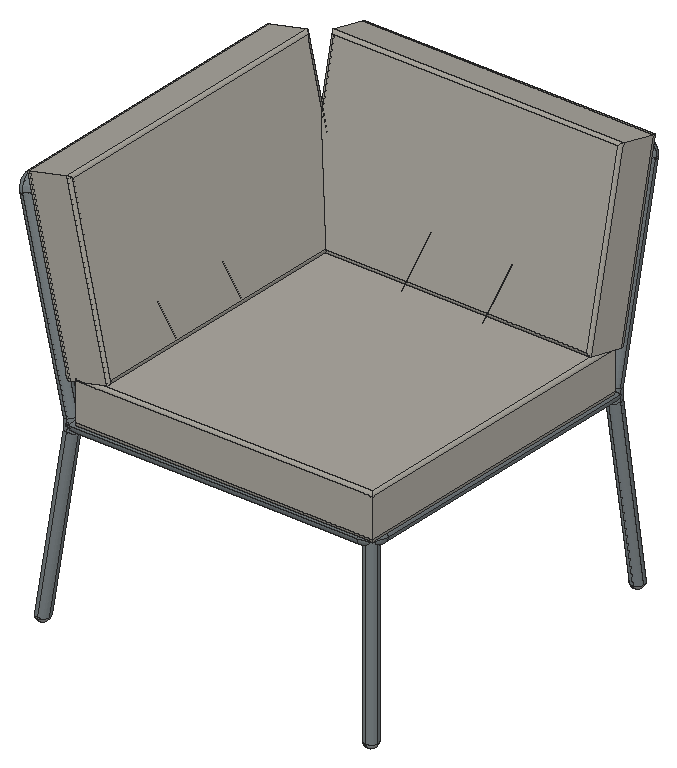
Revit family "FU_Outdoor_Sandler_Zero 209", category Furniture, Revit 2020
Family settings
  OmniClass Number = 23.40.20.00
  OmniClass Title = General Furniture and Specialties
  Work Plane-Based = No
  Always vertical = Yes
  Cut with Voids When Loaded = No
  Shared = No
  Room Calculation Point = No
Parameters (values of type "Zero 209")
  Width = 690 mm
  URL = "https://www.sandlerseating.com/product/zero-209/"
  Seat = Fabric - Outdoor - FabThirty 30319-05
  Model = "Zero 209"
  Manufacturer = "Sandler"
  Height = 800 mm
  Frame = Metal - Paint -AL VR - Anthracite Grey
  Description = "Upholstered sofa corner unit on a steel base, suitable for Outdoor. Stacks up to 2 with cushions removed. COM fabric needs to be outdoor treated for use on Zero, linking clips included."
  Depth = 690 mm
  Default Elevation = 0 mm
Reference planes
  plane 1 "Center (Front/Back)": y = 0
  plane 2: z = 0
  plane 3 "Center (Left/Right)": x = 0
  plane 4 "Right": x = -345
  plane 5 "Left": x = 345
  plane 6 "Back": y = 345
  plane 7 "Front": y = -345
  plane 8 "Height": z = 800
  plane 9 "Seat height": z = 450
  plane 10 "Frame C Front": y = -332.501
  plane 11 "Frame C Right": x = -246.723
  plane 12 "Frame C Left": x = 332.5
  plane 13 "Frame C Back": y = 245.942
  plane 14 "Frame C Top Right": x = -332.5
  plane 15 "Frame C Top Back": y = 332.5
  plane 16 "Frame C Back Right": x = -218.43
  plane 17 "Frame C Side Back": y = 217.454
  plane 18 "Frame C Seat FRONT": z = 360.618
  plane 19 "Frame C Top FRONT": z = 743.982
  plane 20 "Frame C Back leg RIGHT": through (4267.2, 302.263, 12.924) normal (0, -0.9866, -0.163)
  plane 21 "Frame C BackRest RIGHT": through (4267.2, 247.72, 373.243) normal (0, -0.974, 0.2267)
  plane 22 "Wonky Back Leg FRONT": through (-275.849, -1524, 10.385) normal (-0.9868, 0, 0.1618)
  plane 23 "mirror point": x = 55
  plane 24 "Glide": z = 10
  plane 25 "Weld": z = 35.897
Forms (mm)
  Sweep 1, solid, material "Metal - Paint -AL VR - Anthracite Grey" <- "Frame"
    path origin (332.5, 0, 0) x (0, -1, 0) y (0, 0, 1)
      loop
        line (-305.068, -4.055) -> (-246.748, 348.952)
        arc (-246.748, 348.952) -> (-245.978, 360.68) -> (-247.508, 372.332) r 60
        line (-247.508, 372.332) -> (-330.956, 730.898)
    profile "Pro_Circles : 25mm" origin (332.5, 275.908, 172.449) x (0, 0.986626, 0.162998) y (-1, 0, 0)
      loop
        arc (-12.467, 0.067) -> (-8.882, -8.788) -> (-0.067, -12.467) r 12.401
        arc (-0.067, -12.467) -> (8.836, -8.836) -> (12.467, 0.067) r 12.401
        arc (12.467, 0.067) -> (8.788, 8.882) -> (-0.067, 12.467) r 12.401
        arc (-0.067, 12.467) -> (-8.835, 8.835) -> (-12.467, 0.067) r 12.4
  Sweep 2, solid, material "Metal - Paint -AL VR - Anthracite Grey" <- "Frame"
    path origin (0, 152.59, -35.512) x (0, -0.226672, -0.973971) y (1, 0, 0)
      loop
        line (-405.383, -218.43) -> (-785.383, -218.43)
        arc (-785.383, -218.43) -> (-795.99, -214.037) -> (-800.383, -203.43) r 15
        line (-800.383, -203.43) -> (-800.383, 317.5)
        arc (-800.383, 317.5) -> (-795.99, 328.107) -> (-785.383, 332.5) r 15
    profile "Pro_Circles : 25mm" origin (-218.43, 287.547, 544.374) x (-1, 0, 0) y (0, -0.973971, 0.226672)
      loop
        arc (-12.467, 0.067) -> (-8.882, -8.788) -> (-0.067, -12.467) r 12.401
        arc (-0.067, -12.467) -> (8.836, -8.836) -> (12.467, 0.067) r 12.401
        arc (12.467, 0.067) -> (8.788, 8.882) -> (-0.067, 12.467) r 12.401
        arc (-0.067, 12.467) -> (-8.835, 8.835) -> (-12.467, 0.067) r 12.4
  Sweep 3, solid, material "Metal - Paint -AL VR - Anthracite Grey" <- "Frame"
    path origin (-270.287, 0, 44.312) x (-0.161784, 0, -0.986826) y (0, -1, 0)
      loop
        line (44.87, -304.262) -> (-322.697, -245.598)
    profile "Pro_Circles : 25mm" origin (-247.813, 274.93, 181.395) x (0.025498, 0.987502, 0.155528) y (-0.986826, 0, 0.161784)
      loop
        arc (-12.467, 0.067) -> (-8.882, -8.788) -> (-0.067, -12.467) r 12.401
        arc (-0.067, -12.467) -> (8.836, -8.836) -> (12.467, 0.067) r 12.401
        arc (12.467, 0.067) -> (8.788, 8.882) -> (-0.067, 12.467) r 12.401
        arc (-0.067, 12.467) -> (-8.835, 8.835) -> (-12.467, 0.067) r 12.4
  Sweep 4, solid, material "Metal - Paint -AL VR - Anthracite Grey" <- "Frame"
    path origin (0, 0, 360.618) x (0, -1, 0) y (1, 0, 0)
      loop
        line (-245.942, 332.5) -> (312.501, 332.5)
        arc (312.501, 332.5) -> (326.643, 326.642) -> (332.501, 312.5) r 20
        line (332.501, 312.5) -> (332.501, -246.723)
    profile "Pro_Circles : 25mm" origin (332.5, -33.28, 360.618) x (1, 0, 0) y (0, 0, 1)
      loop
        arc (-12.467, 0.067) -> (-8.882, -8.788) -> (-0.067, -12.467) r 12.401
        arc (-0.067, -12.467) -> (8.836, -8.836) -> (12.467, 0.067) r 12.401
        arc (12.467, 0.067) -> (8.788, 8.882) -> (-0.067, 12.467) r 12.401
        arc (-0.067, 12.467) -> (-8.835, 8.835) -> (-12.467, 0.067) r 12.4
  Sweep 5, solid, material "Metal - Paint -AL VR - Anthracite Grey" <- "Frame"
    path origin (0, 0, 360.618) x (0, -1, 0) y (1, 0, 0)
      loop
        line (-245.942, -218.363) -> (-245.942, 332.433)
    profile "Pro_Circles : 25mm" origin (57.035, 245.942, 360.618) x (0, 1, 0) y (0, 0, 1)
      loop
        arc (-12.467, 0.067) -> (-8.882, -8.788) -> (-0.067, -12.467) r 12.401
        arc (-0.067, -12.467) -> (8.836, -8.836) -> (12.467, 0.067) r 12.401
        arc (12.467, 0.067) -> (8.788, 8.882) -> (-0.067, 12.467) r 12.401
        arc (-0.067, 12.467) -> (-8.835, 8.835) -> (-12.467, 0.067) r 12.4
  Sweep 6, solid, material "Metal - Paint -AL VR - Anthracite Grey" <- "Frame"
    path origin (1.857, -332.533, 0) x (1, 0, 0) y (0, 0, -1)
      loop
        line (-305.068, 4.055) -> (-246.748, -348.952)
        arc (-246.748, -348.952) -> (-245.978, -360.68) -> (-247.508, -372.332) r 60
        line (-247.508, -372.332) -> (-330.956, -730.898)
    profile "Pro_Circles : 25mm" origin (-274.051, -332.533, 172.449) x (0.986626, 0, -0.162998) y (0, 1, 0)
      loop
        arc (12.467, 0.067) -> (8.835, 8.835) -> (0.067, 12.467) r 12.4
        arc (0.067, 12.467) -> (-8.788, 8.882) -> (-12.467, 0.067) r 12.401
        arc (-12.467, 0.067) -> (-8.836, -8.836) -> (0.067, -12.467) r 12.401
        arc (0.067, -12.467) -> (8.882, -8.788) -> (12.467, 0.067) r 12.401
  Sweep 7, solid, material "Metal - Paint -AL VR - Anthracite Grey" <- "Frame"
    path origin (-150.733, -0.033, -35.512) x (0.226672, 0, -0.973971) y (0, 1, 0)
      loop
        line (-405.383, 218.43) -> (-785.383, 218.43)
        arc (-785.383, 218.43) -> (-795.99, 214.037) -> (-800.383, 203.43) r 15
        line (-800.383, 203.43) -> (-800.383, -317.5)
        arc (-800.383, -317.5) -> (-795.99, -328.107) -> (-785.383, -332.5) r 15
    profile "Pro_Circles : 25mm" origin (-285.689, 218.397, 544.374) x (0, -1, 0) y (0.973971, 0, 0.226672)
      loop
        arc (12.467, 0.067) -> (8.835, 8.835) -> (0.067, 12.467) r 12.4
        arc (0.067, 12.467) -> (-8.788, 8.882) -> (-12.467, 0.067) r 12.401
        arc (-12.467, 0.067) -> (-8.836, -8.836) -> (0.067, -12.467) r 12.401
        arc (0.067, -12.467) -> (8.882, -8.788) -> (12.467, 0.067) r 12.401
  Sweep 8, solid, material "Metal - Paint -AL VR - Anthracite Grey" <- "Frame"
    path origin (1.857, 270.254, 44.312) x (0, 0.161784, -0.986826) y (-1, 0, 0)
      loop
        line (44.87, 304.262) -> (-322.697, 245.598)
    profile "Pro_Circles : 25mm" origin (-273.073, 247.78, 181.395) x (0.987502, 0.025498, -0.155528) y (0, 0.986826, 0.161784)
      loop
        arc (12.467, 0.067) -> (8.835, 8.835) -> (0.067, 12.467) r 12.4
        arc (0.067, 12.467) -> (-8.788, 8.882) -> (-12.467, 0.067) r 12.401
        arc (-12.467, 0.067) -> (-8.836, -8.836) -> (0.067, -12.467) r 12.401
        arc (0.067, -12.467) -> (8.882, -8.788) -> (12.467, 0.067) r 12.401
  Sweep 9, solid, material "Metal - Paint -AL VR - Anthracite Grey" <- "Frame"
    path origin (1.857, -0.033, 360.618) x (1, 0, 0) y (0, -1, 0)
      loop
        line (-245.942, -218.363) -> (-245.942, 332.433)
    profile "Pro_Circles : 25mm" origin (-244.085, -57.068, 360.618) x (1, 0, 0) y (0, 0, 1)
      loop
        arc (12.467, 0.067) -> (8.835, 8.835) -> (0.067, 12.467) r 12.4
        arc (0.067, 12.467) -> (-8.788, 8.882) -> (-12.467, 0.067) r 12.401
        arc (-12.467, 0.067) -> (-8.836, -8.836) -> (0.067, -12.467) r 12.401
        arc (0.067, -12.467) -> (8.882, -8.788) -> (12.467, 0.067) r 12.401
  Sweep 10, solid, material "Metal - Paint -AL VR - Anthracite Grey" <- "Frame"
    path origin (325.469, 4.808, 0) x (0, -1, 0) y (0, 0, 1)
      loop
        line (332.466, 10) -> (332.466, 360.74)
    profile "Pro_Circles : 25mm" origin (325.469, -327.658, 185.37) x (0, 1, 0) y (-1, 0, 0)
      loop
        arc (-12.467, 0.067) -> (-8.882, -8.788) -> (-0.067, -12.467) r 12.401
        arc (-0.067, -12.467) -> (8.836, -8.836) -> (12.467, 0.067) r 12.401
        arc (12.467, 0.067) -> (8.788, 8.882) -> (-0.067, 12.467) r 12.401
        arc (-0.067, 12.467) -> (-8.835, 8.835) -> (-12.467, 0.067) r 12.4
  Sweep 11, solid, material "Metal - Paint -AL VR - Anthracite Grey" <- "Frame"
    path origin (0, 152.59, -35.512) x (0, -0.226672, -0.973971) y (1, 0, 0)
      loop
        line (-616.666, 332.433) -> (-616.666, 297.927)
        arc (-616.666, 297.927) -> (-620.402, 286.507) -> (-630.008, 279.289) r 19.999
        line (-630.008, 279.289) -> (-771.162, 229.476)
        arc (-771.162, 229.476) -> (-784.183, 210.654) -> (-770.891, 192.024) r 19.906
        line (-770.891, 192.024) -> (-435.094, 73.74)
        arc (-435.094, 73.74) -> (-421.826, 55) -> (-435.094, 36.26) r 19.869
        line (-435.094, 36.26) -> (-770.891, -82.024)
        arc (-770.891, -82.024) -> (-784.378, -100.653) -> (-771.162, -119.476) r 19.808
        line (-771.162, -119.476) -> (-630.008, -169.289)
        arc (-630.008, -169.289) -> (-620.345, -176.466) -> (-616.666, -187.927) r 19.689
        line (-616.666, -187.927) -> (-616.666, -218.363)
    profile "Pro_Circles : 6mm" origin (-203.145, 292.371, 565.102) x (0, -0.226672, -0.973971) y (0, -0.973971, 0.226672)
      loop
        arc (-2.967, 0.067) -> (-2.167, -2.07) -> (-0.069, -2.967) r 2.901
        arc (-0.069, -2.967) -> (2.119, -2.121) -> (2.967, 0.067) r 2.904
        arc (2.967, 0.067) -> (2.07, 2.165) -> (-0.067, 2.967) r 2.903
        arc (-0.067, 2.967) -> (-2.117, 2.117) -> (-2.967, 0.067) r 2.9
  Sweep 12, solid, material "Metal - Paint -AL VR - Anthracite Grey" <- "Frame"
    path origin (0, 152.59, -35.512) x (0, -0.226672, -0.973971) y (1, 0, 0)
      loop
        line (-590.583, 328.363) -> (-590.583, 298.055)
        arc (-590.583, 298.055) -> (-586.745, 286.633) -> (-577.096, 279.415) r 20.243
        line (-577.096, 279.415) -> (-435.976, 229.486)
        arc (-435.976, 229.486) -> (-422.8, 210.722) -> (-436.073, 192.025) r 19.877
        line (-436.073, 192.025) -> (-771.781, 73.774)
        arc (-771.781, 73.774) -> (-785.072, 55) -> (-771.781, 36.226) r 19.904
        line (-771.781, 36.226) -> (-436.073, -82.025)
        arc (-436.073, -82.025) -> (-422.746, -100.721) -> (-435.976, -119.486) r 19.85
        line (-435.976, -119.486) -> (-577.096, -169.415)
        arc (-577.096, -169.415) -> (-586.858, -176.551) -> (-590.583, -188.055) r 19.625
        line (-590.583, -188.055) -> (-590.583, -218.363)
    profile "Pro_Circles : 6mm" origin (-203.209, 286.459, 539.699) x (0, -0.226672, -0.973971) y (0, -0.973971, 0.226672)
      loop
        arc (-2.967, 0.067) -> (-2.167, -2.07) -> (-0.069, -2.967) r 2.901
        arc (-0.069, -2.967) -> (2.119, -2.121) -> (2.967, 0.067) r 2.904
        arc (2.967, 0.067) -> (2.07, 2.165) -> (-0.067, 2.967) r 2.903
        arc (-0.067, 2.967) -> (-2.117, 2.117) -> (-2.967, 0.067) r 2.9
  Sweep 13, solid, material "Metal - Paint -AL VR - Anthracite Grey" <- "Frame"
    path origin (-152.59, -114.103, -35.512) x (0.226672, 0, -0.973971) y (0, 1, 0)
      loop
        line (-616.666, 332.433) -> (-616.666, 297.927)
        arc (-616.666, 297.927) -> (-620.402, 286.507) -> (-630.008, 279.289) r 19.999
        line (-630.008, 279.289) -> (-771.162, 229.476)
        arc (-771.162, 229.476) -> (-784.183, 210.654) -> (-770.891, 192.024) r 19.906
        line (-770.891, 192.024) -> (-435.094, 73.74)
        arc (-435.094, 73.74) -> (-421.826, 55) -> (-435.094, 36.26) r 19.869
        line (-435.094, 36.26) -> (-770.891, -82.024)
        arc (-770.891, -82.024) -> (-784.378, -100.653) -> (-771.162, -119.476) r 19.808
        line (-771.162, -119.476) -> (-630.008, -169.289)
        arc (-630.008, -169.289) -> (-620.345, -176.466) -> (-616.666, -187.927) r 19.689
        line (-616.666, -187.927) -> (-616.666, -218.363)
    profile "Pro_Circles : 6mm" origin (-292.371, -317.248, 565.102) x (0.226672, 0, -0.973971) y (0.973971, 0, 0.226672)
      loop
        arc (-2.967, 0.067) -> (-2.167, -2.07) -> (-0.069, -2.967) r 2.901
        arc (-0.069, -2.967) -> (2.119, -2.121) -> (2.967, 0.067) r 2.904
        arc (2.967, 0.067) -> (2.07, 2.165) -> (-0.067, 2.967) r 2.903
        arc (-0.067, 2.967) -> (-2.117, 2.117) -> (-2.967, 0.067) r 2.9
  Sweep 14, solid, material "Metal - Paint -AL VR - Anthracite Grey" <- "Frame"
    path origin (-152.59, -114.103, -35.512) x (0.226672, 0, -0.973971) y (0, 1, 0)
      loop
        line (-590.583, 328.363) -> (-590.583, 298.055)
        arc (-590.583, 298.055) -> (-586.745, 286.633) -> (-577.096, 279.415) r 20.243
        line (-577.096, 279.415) -> (-435.976, 229.486)
        arc (-435.976, 229.486) -> (-422.8, 210.722) -> (-436.073, 192.025) r 19.877
        line (-436.073, 192.025) -> (-771.781, 73.774)
        arc (-771.781, 73.774) -> (-785.072, 55) -> (-771.781, 36.226) r 19.904
        line (-771.781, 36.226) -> (-436.073, -82.025)
        arc (-436.073, -82.025) -> (-422.746, -100.721) -> (-435.976, -119.486) r 19.85
        line (-435.976, -119.486) -> (-577.096, -169.415)
        arc (-577.096, -169.415) -> (-586.858, -176.551) -> (-590.583, -188.055) r 19.625
        line (-590.583, -188.055) -> (-590.583, -218.363)
    profile "Pro_Circles : 6mm" origin (-286.459, -317.312, 539.699) x (0.226672, 0, -0.973971) y (0.973971, 0, 0.226672)
      loop
        arc (-2.967, 0.067) -> (-2.167, -2.07) -> (-0.069, -2.967) r 2.901
        arc (-0.069, -2.967) -> (2.119, -2.121) -> (2.967, 0.067) r 2.904
        arc (2.967, 0.067) -> (2.07, 2.165) -> (-0.067, 2.967) r 2.903
        arc (-0.067, 2.967) -> (-2.117, 2.117) -> (-2.967, 0.067) r 2.9
  Extrusion 15, solid, material "Metal - Paint -AL VR - Anthracite Grey" <- "Frame"
    sketch origin (0, 0, 360.618) x (0, -1, 0) y (1, 0, 0)
      loop
        line (-150.705, -246.723) -> (-245.876, -151.552) -> (-245.876, -179.834) -> (-178.987, -246.723) -> (-150.705, -246.723)
    from -1 to 1
  Sweep 16, solid, material "Metal - Paint -AL VR - Anthracite Grey" <- "Frame"
    path origin (0, 0, 360.618) x (0, -1, 0) y (1, 0, 0)
      loop
        line (-156.688, -244.018) -> (-156.688, 332.433)
    profile "Pro_Circles : _5mm" origin (44.207, 156.688, 360.618) x (0, 1, 0) y (0, 0, 1)
      loop
        arc (-2.467, 2.567) -> (-1.814, 0.784) -> (-0.07, 0.033) r 2.401
        arc (-0.07, 0.033) -> (1.766, 0.732) -> (2.467, 2.567) r 2.404
        arc (2.467, 2.567) -> (1.717, 4.312) -> (-0.067, 4.967) r 2.403
        arc (-0.067, 4.967) -> (-1.764, 4.264) -> (-2.467, 2.567) r 2.4
  Sweep 17, solid, material "Metal - Paint -AL VR - Anthracite Grey" <- "Frame"
    path origin (0, 0, 360.618) x (0, -1, 0) y (1, 0, 0)
      loop
        line (332.501, -158.118) -> (-245.876, -158.118)
    profile "Pro_Circles : _5mm" origin (-158.118, -43.313, 360.618) x (-1, 0, 0) y (0, 0, 1)
      loop
        arc (-2.467, -2.433) -> (-1.814, -4.216) -> (-0.07, -4.967) r 2.401
        arc (-0.07, -4.967) -> (1.766, -4.268) -> (2.467, -2.433) r 2.404
        arc (2.467, -2.433) -> (1.717, -0.688) -> (-0.067, -0.033) r 2.403
        arc (-0.067, -0.033) -> (-1.764, -0.736) -> (-2.467, -2.433) r 2.4
  Sweep 18, solid, material "Metal - Paint -AL VR - Anthracite Grey" <- "Frame"
    path origin (-6.235, -399.993, 360.618) x (0, -1, 0) y (1, 0, 0)
      loop
        line (-156.688, -244.018) -> (-156.688, 332.433)
    profile "Pro_Circles : _5mm" origin (37.973, -243.306, 360.618) x (0, 1, 0) y (0, 0, 1)
      loop
        arc (-2.467, 2.567) -> (-1.814, 0.784) -> (-0.07, 0.033) r 2.401
        arc (-0.07, 0.033) -> (1.766, 0.732) -> (2.467, 2.567) r 2.404
        arc (2.467, 2.567) -> (1.717, 4.312) -> (-0.067, 4.967) r 2.403
        arc (-0.067, 4.967) -> (-1.764, 4.264) -> (-2.467, 2.567) r 2.4
  Sweep 19, solid, material "Metal - Paint -AL VR - Anthracite Grey" <- "Frame"
    path origin (-1.559, -99.998, 360.618) x (0, -1, 0) y (1, 0, 0)
      loop
        line (-156.688, -244.018) -> (-156.688, 332.433)
    profile "Pro_Circles : _5mm" origin (42.649, 56.689, 360.618) x (0, 1, 0) y (0, 0, 1)
      loop
        arc (-2.467, 2.567) -> (-1.814, 0.784) -> (-0.07, 0.033) r 2.401
        arc (-0.07, 0.033) -> (1.766, 0.732) -> (2.467, 2.567) r 2.404
        arc (2.467, 2.567) -> (1.717, 4.312) -> (-0.067, 4.967) r 2.403
        arc (-0.067, 4.967) -> (-1.764, 4.264) -> (-2.467, 2.567) r 2.4
  Sweep 20, solid, material "Metal - Paint -AL VR - Anthracite Grey" <- "Frame"
    path origin (-3.117, -199.997, 360.618) x (0, -1, 0) y (1, 0, 0)
      loop
        line (-156.688, -244.018) -> (-156.688, 332.433)
    profile "Pro_Circles : _5mm" origin (41.09, -43.309, 360.618) x (0, 1, 0) y (0, 0, 1)
      loop
        arc (-2.467, 2.567) -> (-1.814, 0.784) -> (-0.07, 0.033) r 2.401
        arc (-0.07, 0.033) -> (1.766, 0.732) -> (2.467, 2.567) r 2.404
        arc (2.467, 2.567) -> (1.717, 4.312) -> (-0.067, 4.967) r 2.403
        arc (-0.067, 4.967) -> (-1.764, 4.264) -> (-2.467, 2.567) r 2.4
  Sweep 21, solid, material "Metal - Paint -AL VR - Anthracite Grey" <- "Frame"
    path origin (-4.676, -299.995, 360.618) x (0, -1, 0) y (1, 0, 0)
      loop
        line (-156.688, -244.018) -> (-156.688, 332.433)
    profile "Pro_Circles : _5mm" origin (39.532, -143.307, 360.618) x (0, 1, 0) y (0, 0, 1)
      loop
        arc (-2.467, 2.567) -> (-1.814, 0.784) -> (-0.07, 0.033) r 2.401
        arc (-0.07, 0.033) -> (1.766, 0.732) -> (2.467, 2.567) r 2.404
        arc (2.467, 2.567) -> (1.717, 4.312) -> (-0.067, 4.967) r 2.403
        arc (-0.067, 4.967) -> (-1.764, 4.264) -> (-2.467, 2.567) r 2.4
  Sweep 22, solid, material "Metal - Paint -AL VR - Anthracite Grey" <- "Frame"
    path origin (396.792, 0, 360.618) x (0, -1, 0) y (1, 0, 0)
      loop
        line (332.501, -158.118) -> (-245.876, -158.118)
    profile "Pro_Circles : _5mm" origin (238.675, -43.313, 360.618) x (-1, 0, 0) y (0, 0, 1)
      loop
        arc (-2.467, -2.433) -> (-1.814, -4.216) -> (-0.07, -4.967) r 2.401
        arc (-0.07, -4.967) -> (1.766, -4.268) -> (2.467, -2.433) r 2.404
        arc (2.467, -2.433) -> (1.717, -0.688) -> (-0.067, -0.033) r 2.403
        arc (-0.067, -0.033) -> (-1.764, -0.736) -> (-2.467, -2.433) r 2.4
  Sweep 23, solid, material "Metal - Paint -AL VR - Anthracite Grey" <- "Frame"
    path origin (99.198, 0, 360.618) x (0, -1, 0) y (1, 0, 0)
      loop
        line (332.501, -158.118) -> (-245.876, -158.118)
    profile "Pro_Circles : _5mm" origin (-58.92, -43.313, 360.618) x (-1, 0, 0) y (0, 0, 1)
      loop
        arc (-2.467, -2.433) -> (-1.814, -4.216) -> (-0.07, -4.967) r 2.401
        arc (-0.07, -4.967) -> (1.766, -4.268) -> (2.467, -2.433) r 2.404
        arc (2.467, -2.433) -> (1.717, -0.688) -> (-0.067, -0.033) r 2.403
        arc (-0.067, -0.033) -> (-1.764, -0.736) -> (-2.467, -2.433) r 2.4
  Sweep 24, solid, material "Metal - Paint -AL VR - Anthracite Grey" <- "Frame"
    path origin (198.396, 0, 360.618) x (0, -1, 0) y (1, 0, 0)
      loop
        line (332.501, -158.118) -> (-245.876, -158.118)
    profile "Pro_Circles : _5mm" origin (40.279, -43.313, 360.618) x (-1, 0, 0) y (0, 0, 1)
      loop
        arc (-2.467, -2.433) -> (-1.814, -4.216) -> (-0.07, -4.967) r 2.401
        arc (-0.07, -4.967) -> (1.766, -4.268) -> (2.467, -2.433) r 2.404
        arc (2.467, -2.433) -> (1.717, -0.688) -> (-0.067, -0.033) r 2.403
        arc (-0.067, -0.033) -> (-1.764, -0.736) -> (-2.467, -2.433) r 2.4
  Sweep 25, solid, material "Metal - Paint -AL VR - Anthracite Grey" <- "Frame"
    path origin (297.594, 0, 360.618) x (0, -1, 0) y (1, 0, 0)
      loop
        line (332.501, -158.118) -> (-245.876, -158.118)
    profile "Pro_Circles : _5mm" origin (139.477, -43.313, 360.618) x (-1, 0, 0) y (0, 0, 1)
      loop
        arc (-2.467, -2.433) -> (-1.814, -4.216) -> (-0.07, -4.967) r 2.401
        arc (-0.07, -4.967) -> (1.766, -4.268) -> (2.467, -2.433) r 2.404
        arc (2.467, -2.433) -> (1.717, -0.688) -> (-0.067, -0.033) r 2.403
        arc (-0.067, -0.033) -> (-1.764, -0.736) -> (-2.467, -2.433) r 2.4
  Sweep 26, solid, material "Metal - Paint -AL VR - Anthracite Grey" <- "Frame"
    path origin (0, 0, 360.618) x (0, -1, 0) y (1, 0, 0)
      loop
        line (-108.338, -246.723) -> (-108.338, -20.35) -> (-245.876, -20.35)
    profile "Pro_Circles : 5.5mm" origin (-133.536, 108.338, 360.618) x (0, 1, 0) y (0, 0, 1)
      loop
        arc (-2.717, 0.067) -> (-1.99, -1.893) -> (-0.069, -2.717) r 2.651
        arc (-0.069, -2.717) -> (1.942, -1.944) -> (2.717, 0.067) r 2.654
        arc (2.717, 0.067) -> (1.893, 1.988) -> (-0.067, 2.717) r 2.653
        arc (-0.067, 2.717) -> (-1.94, 1.94) -> (-2.717, 0.067) r 2.65
  Extrusion 27, void
    sketch origin (0, 0, 0) x (1, 0, 0) y (0, 1, 0)
      loop
        line (-332.5, 332.5) -> (-332.5, 245.942) -> (-246.723, 245.942) -> (-246.723, 332.5) -> (-332.5, 332.5)
    from -15 to 10
  Extrusion 28, void
    sketch origin (0, -615, 0) x (1, 0, 0) y (0, 1, 0)
      loop
        line (-325, 305) -> (-325, 259.965) -> (-280.278, 259.965) -> (-280.278, 305) -> (-325, 305)
    from -15 to 10
  Extrusion 29, void
    sketch origin (30, 20, 0) x (-1, 0, 0) y (0, -1, 0)
      loop
        line (-325, -305) -> (-280.278, -305) -> (-280.278, -259.965) -> (-325, -259.965) -> (-325, -305)
    from -15 to 10
  Revolve 30, solid, material "Rubber, Black"
    sketch origin (-301.015, -0.039, 0) x (0, 0, 1) y (0, -1, 0)
      loop
        arc (10, 344.961) -> (2.62, 340.635) -> (-0.004, 332.493) r 12
        line (-0.004, 332.493) -> (10, 332.493) -> (10, 344.961)
      axis (10, 332.493) -> (-0.004, 332.493)
    angle from 0 to 360
  Revolve 31, solid, material "Rubber, Black"
    sketch origin (-301.015, -56.76, 0) x (0, 0, 1) y (0, -1, 0)
      loop
        line (10, -344.961) -> (10, -332.493) -> (-0.004, -332.493)
        arc (-0.004, -332.493) -> (2.62, -340.635) -> (10, -344.961) r 12
      axis (10, -332.493) -> (-0.004, -332.493)
    angle from 0 to 360
  Revolve 32, solid, material "Rubber, Black"
    sketch origin (-275.945, -29.815, 0) x (0, 0, 1) y (0, -1, 0)
      loop
        line (10, -344.961) -> (10, -332.493) -> (-0.004, -332.493)
        arc (-0.004, -332.493) -> (2.62, -340.635) -> (10, -344.961) r 12
      axis (10, -332.493) -> (-0.004, -332.493)
    angle from 0 to 360
  Revolve 33, solid, material "Rubber, Black"
    sketch origin (325.54, 4.8, 0) x (0, 0, 1) y (0, 1, 0)
      loop
        line (10, -344.961) -> (10, -332.493) -> (-0.004, -332.493)
        arc (-0.004, -332.493) -> (2.62, -340.635) -> (10, -344.961) r 12
      axis (10, -332.493) -> (-0.004, -332.493)
    angle from 0 to 360
  Revolve 34, solid, material "Rubber, Black"
    sketch origin (332.393, 635.24, 0) x (0, 0, 1) y (0, 1, 0)
      loop
        line (10, -344.961) -> (10, -332.493) -> (-0.004, -332.493)
        arc (-0.004, -332.493) -> (2.62, -340.635) -> (10, -344.961) r 12
      axis (10, -332.493) -> (-0.004, -332.493)
    angle from 0 to 360
  Sweep 35, solid, material "Metal - Paint -AL VR - Anthracite Grey" <- "Frame"
    path origin (0, 0, 35.897) x (0, -1, 0) y (1, 0, 0)
      loop
        line (-271.739, -298.527) -> (-297.88, -272.387)
    profile "Pro_Circles : _8mm" origin (-285.457, 284.81, 35.897) x (-0.707107, 0.707107, 0) y (0, 0, 1)
      loop
        arc (-3.967, 0.067) -> (-2.873, -2.777) -> (-0.068, -3.967) r 3.901
        arc (-0.068, -3.967) -> (2.826, -2.827) -> (3.967, 0.067) r 3.903
        arc (3.967, 0.067) -> (2.777, 2.872) -> (-0.067, 3.967) r 3.902
        arc (-0.067, 3.967) -> (-2.824, 2.824) -> (-3.967, 0.067) r 3.9
  Extrusion 36, solid, material "Fabric - Outdoor - FabThirty 30319-05" <- "Seat"
    sketch origin (43.747, -0.573, 362.302) x (1, 0, 0) y (0, 1, 0)
      loop
        line (-260.5, -332.427) -> (287.5, -332.427) -> (287.5, 223) -> (-260.5, 223) -> (-260.5, -332.427)
    from 0 to 87.045
  Sweep 37, solid, material "Fabric - Outdoor - FabThirty 30319-05" <- "Seat"
    path in 3D
      loop
        line (-216.753, -333, 449.347) -> (331.247, -333, 449.347) -> (331.247, 222.427, 449.347) -> (-216.753, 222.427, 449.347) -> (-216.753, -333, 449.347)
    profile "Pro_Zero_SeatEdge : Pro_Zero_SeatEdge" origin (-216.753, -55.287, 449.347) x (1, 0, 0) y (0, 0, 1)
      loop
        line (0, 0) -> (-6, 0)
        arc (-6, 0) -> (-10.243, -1.757) -> (-12, -6) r 6
        line (-12, -6) -> (-12, -78.967)
        arc (-12, -78.967) -> (-9.647, -84.647) -> (-3.967, -87) r 8.033
        line (-3.967, -87) -> (0, -87) -> (0, 0)
  Extrusion 38, solid, material "Fabric - Outdoor - FabThirty 30319-05" <- "Seat"
    sketch origin (43.747, -0.573, -10.653) x (0, 1, 0) y (0, 0, 1)
      loop
        line (248.064, 789.188) -> (176.745, 478.549) -> (254.695, 460.653) -> (326.014, 771.291) -> (248.064, 789.188)
    from -246 to 288
  Sweep 39, solid, material "Fabric - Outdoor - FabThirty 30319-05" <- "Seat"
    path in 3D
      loop
        line (-202.253, 247.49, 778.535) -> (-202.253, 176.172, 467.896) -> (331.747, 176.172, 467.896) -> (331.747, 247.49, 778.535) -> (-202.253, 247.49, 778.535)
    profile "Pro_Zero_SeatEdge : Pro_Zero_SeatEdge" origin (64.747, 247.49, 778.535) x (0, -0.223765, -0.974643) y (0, -0.974643, 0.223765)
      loop
        line (0, 0) -> (-6, 0)
        arc (-6, 0) -> (-10.243, -1.757) -> (-12, -6) r 6
        line (-12, -6) -> (-12, -78.967)
        arc (-12, -78.967) -> (-9.647, -84.647) -> (-3.967, -87) r 8.033
        line (-3.967, -87) -> (0, -87) -> (0, 0)
  Extrusion 40, solid, material "Fabric - Outdoor - FabThirty 30319-05" <- "Seat"
    sketch origin (10.403, -44.566, -10.653) x (-1, 0, 0) y (0, 0, 1)
      loop
        line (248.064, 789.188) -> (176.745, 478.549) -> (254.695, 460.653) -> (326.014, 771.291) -> (248.064, 789.188)
    from -288 to 264
  Sweep 41, solid, material "Fabric - Outdoor - FabThirty 30319-05" <- "Seat"
    path in 3D
      loop
        line (-237.661, -332.566, 778.535) -> (-166.342, -332.566, 467.896) -> (-166.342, 219.434, 467.896) -> (-237.661, 219.434, 778.535) -> (-237.661, -332.566, 778.535)
    profile "Pro_Zero_SeatEdge : Pro_Zero_SeatEdge" origin (-237.661, -56.566, 778.535) x (0.223765, 0, -0.974643) y (0.974643, 0, 0.223765)
      loop
        line (0, 0) -> (-6, 0)
        arc (-6, 0) -> (-10.243, -1.757) -> (-12, -6) r 6
        line (-12, -6) -> (-12, -78.967)
        arc (-12, -78.967) -> (-9.647, -84.647) -> (-3.967, -87) r 8.033
        line (-3.967, -87) -> (0, -87) -> (0, 0)
Cuts and joins
  Extrusion 27 cuts Sweep 8
  Extrusion 27, Extrusion 28 cuts Sweep 6
  Extrusion 29 cuts Sweep 1
  Extrusion 27 cuts Sweep 3
  joined: Extrusion 36, Sweep 37
  joined: Extrusion 38, Sweep 39
  joined: Extrusion 40, Sweep 41
Lines and regions (mm)
  sketch lines
    curve 1: line (-216.753, 222.427, 449.347) -> (-216.753, -333, 449.347)
    curve 2: line (-216.753, -333, 449.347) -> (331.247, -333, 449.347)
    curve 3: line (331.247, -333, 449.347) -> (331.247, 222.427, 449.347)
    curve 4: line (331.247, 222.427, 449.347) -> (-216.753, 222.427, 449.347)
    curve 5: line (331.747, 247.49, 778.535) -> (-202.253, 247.49, 778.535)
    curve 6: line (-202.253, 176.172, 467.896) -> (-202.253, 247.49, 778.535)
    curve 7: line (331.747, 176.172, 467.896) -> (-202.253, 176.172, 467.896)
    curve 8: line (331.747, 247.49, 778.535) -> (331.747, 176.172, 467.896)
    curve 9: line (-237.661, 219.434, 778.535) -> (-237.661, -332.566, 778.535)
    curve 10: line (-166.342, -332.566, 467.896) -> (-237.661, -332.566, 778.535)
    curve 11: line (-166.342, 219.434, 467.896) -> (-166.342, -332.566, 467.896)
    curve 12: line (-237.661, 219.434, 778.535) -> (-166.342, 219.434, 467.896)
Dimensions and locks
  equal spacing: plane 4 "Right", plane 3 "Center (Left/Right)", plane 5 "Left"
  "Width": plane 4 "Right" to plane 5 "Left"
  equal spacing: plane 6 "Back", plane 1 "Center (Front/Back)", plane 7 "Front"
  "Depth": plane 6 "Back" to plane 7 "Front"
  "Height": plane 8 "Height" to level
  plane 9 "Seat height" to level = 450 mm
  plane 10 "Frame C Front" to plane 7 "Front" = 12.499 mm
  equal spacing: group 2, group 5, group 4, group 3, group 1  (x2)
  equal spacing: group 1, group 3, group 4, group 5, group 2
  equal spacing: group 6, group 8, group 9, group 10, group 7  (x3)
  aligned and locked: level to plane 2
Automatic sketch dimensions
  Sweep 16 sketch curve to Sweep 16 sketch curve = 576.452 mm
  Sweep 18 sketch curve to Sweep 18 sketch curve = 576.452 mm
  Sweep 19 sketch curve to Sweep 19 sketch curve = 576.452 mm
  Sweep 20 sketch curve to Sweep 20 sketch curve = 576.452 mm
  Sweep 21 sketch curve to Sweep 21 sketch curve = 576.452 mm
  Sweep 17 sketch curve to Sweep 17 sketch curve = 578.377 mm
  Sweep 22 sketch curve to Sweep 22 sketch curve = 578.377 mm
  Sweep 23 sketch curve to Sweep 23 sketch curve = 578.377 mm
  Sweep 24 sketch curve to Sweep 24 sketch curve = 578.377 mm
  Sweep 25 sketch curve to Sweep 25 sketch curve = 578.377 mm
  Sweep 1 sketch curve to plane 21 "Frame C BackRest RIGHT" = 0 mm
  Sweep 1 sketch curve to plane 20 "Frame C Back leg RIGHT" = 0 mm
  plane 21 "Frame C BackRest RIGHT" to Sweep 1 sketch curve = 0 mm
  plane 20 "Frame C Back leg RIGHT" to Sweep 1 sketch curve = 0 mm
  plane 18 "Frame C Seat FRONT" to Sweep 1 sketch curve = 1.886 mm
  plane 13 "Frame C Back" to Sweep 1 sketch curve = 1.565 mm
  plane 13 "Frame C Back" to Sweep 1 sketch curve = 0.806 mm
  Sweep 1 sketch curve to plane 15 "Frame C Top Back" = 1.544 mm
  Sweep 1 sketch curve to level = 4.055 mm
  Sweep 2 sketch curve to plane 12 "Frame C Left" = 0 mm
  Sweep 2 sketch curve to plane 16 "Frame C Back Right" = 0 mm
  Sweep 2 sketch curve to plane 16 "Frame C Back Right" = 15 mm
  plane 12 "Frame C Left" to Sweep 2 sketch curve = 15 mm
  Sweep 2 sketch curve to Sweep 2 sketch curve = 380 mm
  Sweep 3 sketch curve to plane 13 "Frame C Back" = 0.344 mm
  Sweep 3 sketch curve to plane 15 "Frame C Top Back" = 28.238 mm
  Sweep 3 sketch curve to Sweep 3 sketch curve = 367.568 mm
  Sweep 4 sketch curve to plane 12 "Frame C Left" = 0 mm
  Sweep 4 sketch curve to plane 13 "Frame C Back" = 0 mm
  Sweep 4 sketch curve to plane 10 "Frame C Front" = 0 mm
  Sweep 4 sketch curve to plane 11 "Frame C Right" = 0 mm
  plane 10 "Frame C Front" to Sweep 4 sketch curve = 20 mm
  Sweep 5 sketch curve to plane 13 "Frame C Back" = 0 mm
  Sweep 5 sketch curve to plane 16 "Frame C Back Right" = 0.067 mm
  plane 12 "Frame C Left" to Sweep 5 sketch curve = 0.067 mm
  plane 18 "Frame C Seat FRONT" to Sweep 6 sketch curve = 1.886 mm
  plane 14 "Frame C Top Right" to Sweep 6 sketch curve = 28.411 mm
  plane 11 "Frame C Right" to Sweep 6 sketch curve = 1.073 mm
  plane 11 "Frame C Right" to Sweep 6 sketch curve = 1.832 mm
  Sweep 6 sketch curve to plane 18 "Frame C Seat FRONT" = 11.714 mm
  plane 14 "Frame C Top Right" to Sweep 6 sketch curve = 3.401 mm
  Sweep 6 sketch curve to level = 4.055 mm
  plane 14 "Frame C Top Right" to Sweep 6 sketch curve = 29.29 mm
  Sweep 6 sketch curve to plane 19 "Frame C Top FRONT" = 13.085 mm
  plane 17 "Frame C Side Back" to Sweep 7 sketch curve = 14.057 mm
  Sweep 7 sketch curve to Sweep 7 sketch curve = 15 mm  (x2)
  plane 10 "Frame C Front" to Sweep 7 sketch curve = 14.968 mm
  Sweep 7 sketch curve to Sweep 7 sketch curve = 380 mm
  plane 11 "Frame C Right" to Sweep 8 sketch curve = 2.982 mm
  plane 14 "Frame C Top Right" to Sweep 8 sketch curve = 30.096 mm
  Sweep 8 sketch curve to Sweep 8 sketch curve = 367.568 mm
  Sweep 9 sketch curve to plane 10 "Frame C Front" = 0.035 mm
  Sweep 9 sketch curve to plane 11 "Frame C Right" = 2.638 mm
  plane 17 "Frame C Side Back" to Sweep 9 sketch curve = 0.877 mm
  Sweep 10 sketch curve to plane 24 "Glide" = 0 mm
  Sweep 10 sketch curve to plane 18 "Frame C Seat FRONT" = 0.122 mm
  plane 10 "Frame C Front" to Sweep 10 sketch curve = 4.843 mm
  Sweep 11 sketch curve to plane 23 "mirror point" = 0 mm
  plane 12 "Frame C Left" to Sweep 11 sketch curve = 103.024 mm
  Sweep 11 sketch curve to plane 16 "Frame C Back Right" = 98.954 mm
  Sweep 11 sketch curve to Sweep 11 sketch curve = 0 mm
  Sweep 11 sketch curve to plane 3 "Center (Left/Right)" = 82.024 mm
  Sweep 11 sketch curve to Sweep 11 sketch curve = 0.271 mm  (x2)
  plane 23 "mirror point" to Sweep 11 sketch curve = 137.024 mm
  Sweep 11 sketch curve to Sweep 11 sketch curve = 6.321 mm
  Sweep 11 sketch curve to Sweep 11 sketch curve = 6.885 mm
  plane 12 "Frame C Left" to Sweep 11 sketch curve = 34.352 mm
  Sweep 11 sketch curve to Sweep 11 sketch curve = 134.499 mm
  Sweep 11 sketch curve to plane 16 "Frame C Back Right" = 30.503 mm
  Sweep 11 sketch curve to Sweep 11 sketch curve = 134.808 mm
  Sweep 11 sketch curve to plane 16 "Frame C Back Right" = 49.141 mm
  Sweep 11 sketch curve to Sweep 11 sketch curve = 6.347 mm
  plane 12 "Frame C Left" to Sweep 11 sketch curve = 53.211 mm
  Sweep 11 sketch curve to Sweep 11 sketch curve = 6.655 mm
  Sweep 11 sketch curve to Sweep 11 sketch curve = 19.997 mm
  Sweep 11 sketch curve to Sweep 11 sketch curve = 188.313 mm
  Sweep 11 sketch curve to plane 23 "mirror point" = 18.74 mm
  Sweep 11 sketch curve to Sweep 11 sketch curve = 6.601 mm
  plane 23 "mirror point" to Sweep 11 sketch curve = 18.74 mm
  Sweep 11 sketch curve to plane 16 "Frame C Back Right" = 0.067 mm
  plane 12 "Frame C Left" to Sweep 11 sketch curve = 0.067 mm
  Sweep 12 sketch curve to plane 23 "mirror point" = 0 mm
  Sweep 12 sketch curve to plane 23 "mirror point" = 18.774 mm
  plane 23 "mirror point" to Sweep 12 sketch curve = 18.774 mm
  Sweep 12 sketch curve to Sweep 12 sketch curve = 6.613 mm
  plane 12 "Frame C Left" to Sweep 12 sketch curve = 34.445 mm
  Sweep 12 sketch curve to Sweep 12 sketch curve = 181.198 mm  (x2)
  Sweep 12 sketch curve to plane 16 "Frame C Back Right" = 30.375 mm
  Sweep 12 sketch curve to plane 16 "Frame C Back Right" = 49.015 mm
  Sweep 12 sketch curve to Sweep 12 sketch curve = 13.487 mm  (x2)
  plane 12 "Frame C Left" to Sweep 12 sketch curve = 53.085 mm
  Sweep 12 sketch curve to Sweep 12 sketch curve = 20.238 mm
  Sweep 12 sketch curve to Sweep 12 sketch curve = 134.42 mm
  Sweep 12 sketch curve to Sweep 12 sketch curve = 134.5 mm
  plane 23 "mirror point" to Sweep 12 sketch curve = 137.025 mm
  Sweep 12 sketch curve to Sweep 12 sketch curve = 6.604 mm
  Sweep 12 sketch curve to plane 3 "Center (Left/Right)" = 82.025 mm
  Sweep 12 sketch curve to Sweep 12 sketch curve = 6.524 mm
  plane 12 "Frame C Left" to Sweep 12 sketch curve = 103.014 mm
  Sweep 12 sketch curve to Sweep 12 sketch curve = 6.701 mm
  Sweep 12 sketch curve to plane 16 "Frame C Back Right" = 98.944 mm
  Sweep 12 sketch curve to Sweep 12 sketch curve = 6.621 mm
  Sweep 12 sketch curve to plane 16 "Frame C Back Right" = 0.067 mm
  plane 12 "Frame C Left" to Sweep 12 sketch curve = 4.137 mm
  plane 17 "Frame C Side Back" to Sweep 13 sketch curve = 102.081 mm
  plane 10 "Frame C Front" to Sweep 13 sketch curve = 98.922 mm
  Sweep 13 sketch curve to Sweep 13 sketch curve = 0 mm
  plane 10 "Frame C Front" to Sweep 13 sketch curve = 136.375 mm
  Sweep 13 sketch curve to Sweep 13 sketch curve = 0.271 mm  (x2)
  Sweep 13 sketch curve to plane 1 "Center (Front/Back)" = 77.921 mm
  Sweep 13 sketch curve to Sweep 13 sketch curve = 6.592 mm
  Sweep 13 sketch curve to Sweep 13 sketch curve = 6.613 mm
  plane 17 "Frame C Side Back" to Sweep 13 sketch curve = 33.409 mm
  Sweep 13 sketch curve to Sweep 13 sketch curve = 134.499 mm
  plane 10 "Frame C Front" to Sweep 13 sketch curve = 30.472 mm
  Sweep 13 sketch curve to Sweep 13 sketch curve = 134.808 mm
  plane 10 "Frame C Front" to Sweep 13 sketch curve = 49.11 mm
  Sweep 13 sketch curve to Sweep 13 sketch curve = 6.347 mm
  plane 17 "Frame C Side Back" to Sweep 13 sketch curve = 52.268 mm
  Sweep 13 sketch curve to Sweep 13 sketch curve = 6.655 mm
  Sweep 13 sketch curve to Sweep 13 sketch curve = 19.997 mm
  plane 1 "Center (Front/Back)" to Sweep 13 sketch curve = 59.103 mm
  Sweep 13 sketch curve to Sweep 13 sketch curve = 188.313 mm
  plane 1 "Center (Front/Back)" to Sweep 13 sketch curve = 77.843 mm
  Sweep 13 sketch curve to Sweep 13 sketch curve = 6.601 mm
  plane 1 "Center (Front/Back)" to Sweep 13 sketch curve = 40.363 mm
  plane 10 "Frame C Front" to Sweep 13 sketch curve = 0.035 mm
  Sweep 13 sketch curve to plane 17 "Frame C Side Back" = 0.877 mm
  plane 1 "Center (Front/Back)" to Sweep 14 sketch curve = 77.877 mm
  plane 1 "Center (Front/Back)" to Sweep 14 sketch curve = 40.329 mm
  Sweep 14 sketch curve to Sweep 14 sketch curve = 0 mm
  Sweep 14 sketch curve to Sweep 14 sketch curve = 6.613 mm
  plane 17 "Frame C Side Back" to Sweep 14 sketch curve = 33.502 mm
  Sweep 14 sketch curve to Sweep 14 sketch curve = 181.198 mm  (x2)
  plane 10 "Frame C Front" to Sweep 14 sketch curve = 30.344 mm
  plane 10 "Frame C Front" to Sweep 14 sketch curve = 48.984 mm
  Sweep 14 sketch curve to Sweep 14 sketch curve = 13.487 mm  (x2)
  plane 17 "Frame C Side Back" to Sweep 14 sketch curve = 52.142 mm
  Sweep 14 sketch curve to Sweep 14 sketch curve = 20.238 mm
  Sweep 14 sketch curve to Sweep 14 sketch curve = 134.42 mm
  Sweep 14 sketch curve to Sweep 14 sketch curve = 134.5 mm
  Sweep 14 sketch curve to plane 1 "Center (Front/Back)" = 77.922 mm
  Sweep 14 sketch curve to Sweep 14 sketch curve = 6.604 mm
  plane 10 "Frame C Front" to Sweep 14 sketch curve = 136.373 mm
  Sweep 14 sketch curve to Sweep 14 sketch curve = 6.524 mm
  plane 17 "Frame C Side Back" to Sweep 14 sketch curve = 102.07 mm
  Sweep 14 sketch curve to Sweep 14 sketch curve = 6.701 mm
  plane 10 "Frame C Front" to Sweep 14 sketch curve = 98.912 mm
  Sweep 14 sketch curve to Sweep 14 sketch curve = 6.621 mm
  plane 10 "Frame C Front" to Sweep 14 sketch curve = 0.035 mm
  plane 17 "Frame C Side Back" to Sweep 14 sketch curve = 3.193 mm
  Extrusion 15 sketch curve to plane 11 "Frame C Right" = 0 mm
  Extrusion 15 sketch curve to plane 13 "Frame C Back" = 0.067 mm
  plane 17 "Frame C Side Back" to Extrusion 15 sketch curve = 38.467 mm
  Extrusion 15 sketch curve to Extrusion 15 sketch curve = 28.282 mm  (x2)
  Extrusion 15 sketch curve to plane 16 "Frame C Back Right" = 38.596 mm
  Sweep 26 sketch curve to plane 11 "Frame C Right" = 0 mm
  Sweep 26 sketch curve to plane 3 "Center (Left/Right)" = 20.35 mm
  Sweep 26 sketch curve to plane 1 "Center (Front/Back)" = 108.338 mm
  Sweep 26 sketch curve to plane 13 "Frame C Back" = 0.067 mm
  Extrusion 27 sketch curve to plane 13 "Frame C Back" = 0 mm
  Extrusion 27 sketch curve to plane 14 "Frame C Top Right" = 0 mm
  Extrusion 27 sketch curve to plane 11 "Frame C Right" = 0 mm
  Extrusion 27 sketch curve to plane 15 "Frame C Top Back" = 0 mm
  plane 14 "Frame C Top Right" to Extrusion 28 sketch curve = 7.5 mm
  Extrusion 28 sketch curve to plane 7 "Front" = 10.035 mm
  Extrusion 28 sketch curve to plane 11 "Frame C Right" = 33.555 mm
  plane 10 "Frame C Front" to Extrusion 28 sketch curve = 22.501 mm
  plane 5 "Left" to Extrusion 29 sketch curve = 10 mm
  Extrusion 29 sketch curve to plane 12 "Frame C Left" = 22.222 mm
  Extrusion 29 sketch curve to plane 13 "Frame C Back" = 34.023 mm
  plane 15 "Frame C Top Back" to Extrusion 29 sketch curve = 7.5 mm
  Revolve 30 sketch curve to plane 7 "Front" = 0 mm
  Revolve 30 sketch curve to plane 24 "Glide" = 0 mm
  Revolve 30 sketch curve to level = 0.004 mm
  Revolve 30 sketch curve to plane 10 "Frame C Front" = 0.663 mm
  Revolve 30 sketch curve to Revolve 30 sketch curve = 1.98 mm
  Revolve 30 sketch curve to plane 10 "Frame C Front" = 0.031 mm
  Revolve 30 sketch curve to Revolve 30 sketch curve = 1.063 mm
  Revolve 30 sketch curve to Revolve 30 sketch curve = 0.86 mm
  Revolve 31 sketch curve to plane 24 "Glide" = 0 mm
  Revolve 31 sketch curve to level = 0.004 mm
  plane 24 "Glide" to Revolve 31 sketch curve = 1.98 mm
  plane 13 "Frame C Back" to Revolve 31 sketch curve = 42.259 mm
  Revolve 31 sketch curve to Revolve 31 sketch curve = 11.836 mm
  Revolve 31 sketch curve to Revolve 31 sketch curve = 1.063 mm
  Revolve 31 sketch curve to Revolve 31 sketch curve = 0.86 mm
  Revolve 31 sketch curve to Revolve 31 sketch curve = 0 mm
  Revolve 32 sketch curve to plane 24 "Glide" = 0 mm
  Revolve 32 sketch curve to level = 0.004 mm
  plane 24 "Glide" to Revolve 32 sketch curve = 1.98 mm
  Revolve 32 sketch curve to plane 15 "Frame C Top Back" = 17.354 mm
  Revolve 32 sketch curve to Revolve 32 sketch curve = 11.836 mm
  Revolve 32 sketch curve to Revolve 32 sketch curve = 1.063 mm
  Revolve 32 sketch curve to Revolve 32 sketch curve = 0.86 mm
  Revolve 32 sketch curve to Revolve 32 sketch curve = 0 mm
  plane 7 "Front" to Revolve 33 sketch curve = 4.839 mm
  Revolve 33 sketch curve to plane 24 "Glide" = 0 mm
  Revolve 33 sketch curve to level = 0.004 mm
  plane 10 "Frame C Front" to Revolve 33 sketch curve = 4.176 mm
  Revolve 33 sketch curve to Revolve 33 sketch curve = 1.98 mm
  plane 10 "Frame C Front" to Revolve 33 sketch curve = 4.808 mm
  Revolve 33 sketch curve to Revolve 33 sketch curve = 1.063 mm
  Revolve 33 sketch curve to Revolve 33 sketch curve = 0.86 mm
  Revolve 34 sketch curve to plane 24 "Glide" = 0 mm
  Revolve 34 sketch curve to level = 0.004 mm
  plane 24 "Glide" to Revolve 34 sketch curve = 1.98 mm
  Revolve 34 sketch curve to plane 15 "Frame C Top Back" = 42.221 mm
  Revolve 34 sketch curve to Revolve 34 sketch curve = 11.836 mm
  Revolve 34 sketch curve to Revolve 34 sketch curve = 1.063 mm
  Revolve 34 sketch curve to Revolve 34 sketch curve = 0.86 mm
  Revolve 34 sketch curve to Revolve 34 sketch curve = 0 mm
  Sweep 35 sketch curve to plane 15 "Frame C Top Back" = 34.62 mm
  plane 14 "Frame C Top Right" to Sweep 35 sketch curve = 33.973 mm
  plane 13 "Frame C Back" to Sweep 35 sketch curve = 25.797 mm
  Sweep 35 sketch curve to plane 11 "Frame C Right" = 25.663 mm
  plane 17 "Frame C Side Back" to Extrusion 38 sketch curve = 41.282 mm
  plane 13 "Frame C Back" to Extrusion 38 sketch curve = 1.548 mm
  plane 13 "Frame C Back" to Extrusion 38 sketch curve = 8.18 mm
  Extrusion 38 sketch curve to plane 15 "Frame C Top Back" = 7.06 mm
  Extrusion 38 sketch curve to plane 25 "Weld" = 414.103 mm
  Extrusion 38 sketch curve to Extrusion 38 sketch curve = 17.896 mm
  Extrusion 40 sketch curve to plane 9 "Seat height" = 0 mm
  plane 9 "Seat height" to Extrusion 40 sketch curve = 17.896 mm
  Extrusion 40 sketch curve to plane 16 "Frame C Back Right" = 52.088 mm
  plane 16 "Frame C Back Right" to Extrusion 40 sketch curve = 19.231 mm
  plane 16 "Frame C Back Right" to Extrusion 40 sketch curve = 25.863 mm
  plane 19 "Frame C Top FRONT" to Extrusion 40 sketch curve = 16.656 mm
  Extrusion 36 sketch curve to plane 17 "Frame C Side Back" = 4.973 mm
  Extrusion 36 sketch curve to plane 16 "Frame C Back Right" = 1.677 mm
  plane 12 "Frame C Left" to Extrusion 36 sketch curve = 1.253 mm
  Extrusion 36 sketch curve to plane 10 "Frame C Front" = 0.499 mm
